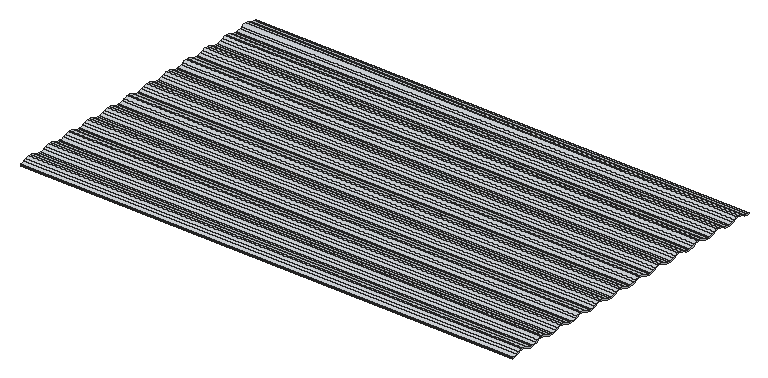
Revit family "Corrugated roof (beam system)", category Structural Framing, Revit 2017
Family settings
  Section Shape = Not Defined
  Material for Model Behavior = Other
  Always export as geometry = No
  OmniClass Number = 23.25.30.11.14.14
  OmniClass Title = Beams
  Always vertical = Yes
  Cut with Voids When Loaded = No
  Symbolic Representation = From Family
  Shared = No
  Show family pre-cut in plan views = Yes
Parameters
  Length [instance] = 3000 mm
Reference planes
  plane 1 "Center (Front/Back)": y = 0
  plane 2 "Center Elevation": z = 0
  plane 3 "Center (Left/Right)": x = 0
  plane 4 "Left": x = -1500
  plane 5 "Member Left": x = -1250
  plane 6 "Stick Symbol Left": x = -1000
  plane 7 "Right": x = 1500
  plane 8 "Member Right": x = 1250
  plane 9 "Stick Symbol Right": x = 1000
Forms (mm)
  Sweep 1, solid
    path origin (0, -30, 0) x (1, 0, 0) y (0, 1, 0)
      loop
        line (-1000, 50) -> (1000, 50)
    profile "Corrugated profile 2 : Corrugated profile 2" origin (0, 20, 0) x (0, 1, 0) y (0, 0, 1)
      loop
        line (-324.148, -7.5) -> (-327.074, -7.5)
        arc (-327.074, -7.5) -> (-335.69, -6.497) -> (-343.844, -3.541) r 37.5
        line (-343.844, -3.541) -> (-353.008, 1.041)
        arc (-353.008, 1.041) -> (-361.163, 3.997) -> (-369.779, 5) r 37.5
        line (-369.779, 5) -> (-377.664, 5)
        arc (-377.664, 5) -> (-386.28, 3.997) -> (-394.434, 1.041) r 37.5
        line (-394.434, 1.041) -> (-403.599, -3.541)
        arc (-403.599, -3.541) -> (-411.753, -6.497) -> (-420.369, -7.5) r 37.5
        line (-420.369, -7.5) -> (-421.221, -7.5) -> (-427.074, -7.5)
        arc (-427.074, -7.5) -> (-435.69, -6.497) -> (-443.844, -3.541) r 37.5
        line (-443.844, -3.541) -> (-453.008, 1.041)
        arc (-453.008, 1.041) -> (-461.163, 3.997) -> (-469.779, 5) r 37.5
        line (-469.779, 5) -> (-473.721, 5) -> (-477.664, 5)
        arc (-477.664, 5) -> (-486.28, 3.997) -> (-494.434, 1.041) r 37.5
        line (-494.434, 1.041) -> (-503.599, -3.541)
        arc (-503.599, -3.541) -> (-511.753, -6.497) -> (-520.369, -7.5) r 37.5
        line (-520.369, -7.5) -> (-526.221, -7.5) -> (-527.074, -7.5)
        arc (-527.074, -7.5) -> (-535.69, -6.497) -> (-543.844, -3.541) r 37.5
        line (-543.844, -3.541) -> (-553.008, 1.041)
        arc (-553.008, 1.041) -> (-561.163, 3.997) -> (-569.779, 5) r 37.5
        line (-569.779, 5) -> (-577.664, 5)
        arc (-577.664, 5) -> (-586.28, 3.997) -> (-594.434, 1.041) r 37.5
        line (-594.434, 1.041) -> (-603.599, -3.541)
        arc (-603.599, -3.541) -> (-611.753, -6.497) -> (-620.369, -7.5) r 37.5
        line (-620.369, -7.5) -> (-623.295, -7.5) -> (-623.295, -10) -> (-619.779, -10)
        arc (-619.779, -10) -> (-611.163, -8.997) -> (-603.008, -6.041) r 37.5
        line (-603.008, -6.041) -> (-593.844, -1.459)
        arc (-593.844, -1.459) -> (-585.69, 1.497) -> (-577.074, 2.5) r 37.5
        line (-577.074, 2.5) -> (-570.369, 2.5)
        arc (-570.369, 2.5) -> (-561.753, 1.497) -> (-553.599, -1.459) r 37.5
        line (-553.599, -1.459) -> (-544.434, -6.041)
        arc (-544.434, -6.041) -> (-536.28, -8.997) -> (-527.664, -10) r 37.5
        line (-527.664, -10) -> (-526.221, -10) -> (-519.779, -10)
        arc (-519.779, -10) -> (-511.163, -8.997) -> (-503.008, -6.041) r 37.5
        line (-503.008, -6.041) -> (-493.844, -1.459)
        arc (-493.844, -1.459) -> (-485.69, 1.497) -> (-477.074, 2.5) r 37.5
        line (-477.074, 2.5) -> (-473.721, 2.5) -> (-470.369, 2.5)
        arc (-470.369, 2.5) -> (-461.753, 1.497) -> (-453.599, -1.459) r 37.5
        line (-453.599, -1.459) -> (-444.434, -6.041)
        arc (-444.434, -6.041) -> (-436.28, -8.997) -> (-427.664, -10) r 37.5
        line (-427.664, -10) -> (-421.221, -10) -> (-419.779, -10)
        arc (-419.779, -10) -> (-411.163, -8.997) -> (-403.008, -6.041) r 37.5
        line (-403.008, -6.041) -> (-393.844, -1.459)
        arc (-393.844, -1.459) -> (-385.69, 1.497) -> (-377.074, 2.5) r 37.5
        line (-377.074, 2.5) -> (-370.369, 2.5)
        arc (-370.369, 2.5) -> (-361.753, 1.497) -> (-353.599, -1.459) r 37.5
        line (-353.599, -1.459) -> (-344.434, -6.041)
        arc (-344.434, -6.041) -> (-336.28, -8.997) -> (-327.664, -10) r 37.5
        line (-327.664, -10) -> (-324.148, -10) -> (-320.631, -10)
        arc (-320.631, -10) -> (-312.016, -8.997) -> (-303.861, -6.041) r 37.5
        line (-303.861, -6.041) -> (-294.697, -1.459)
        arc (-294.697, -1.459) -> (-286.542, 1.497) -> (-277.926, 2.5) r 37.5
        line (-277.926, 2.5) -> (-271.221, 2.5)
        arc (-271.221, 2.5) -> (-262.606, 1.497) -> (-254.451, -1.459) r 37.5
        line (-254.451, -1.459) -> (-245.287, -6.041)
        arc (-245.287, -6.041) -> (-237.132, -8.997) -> (-228.516, -10) r 37.5
        line (-228.516, -10) -> (-227.074, -10) -> (-220.631, -10)
        arc (-220.631, -10) -> (-212.016, -8.997) -> (-203.861, -6.041) r 37.5
        line (-203.861, -6.041) -> (-194.697, -1.459)
        arc (-194.697, -1.459) -> (-186.542, 1.497) -> (-177.926, 2.5) r 37.5
        line (-177.926, 2.5) -> (-174.574, 2.5) -> (-171.221, 2.5)
        arc (-171.221, 2.5) -> (-162.606, 1.497) -> (-154.451, -1.459) r 37.5
        line (-154.451, -1.459) -> (-145.287, -6.041)
        arc (-145.287, -6.041) -> (-137.132, -8.997) -> (-128.516, -10) r 37.5
        line (-128.516, -10) -> (-122.074, -10) -> (-120.631, -10)
        arc (-120.631, -10) -> (-112.016, -8.997) -> (-103.861, -6.041) r 37.5
        line (-103.861, -6.041) -> (-94.697, -1.459)
        arc (-94.697, -1.459) -> (-86.542, 1.497) -> (-77.926, 2.5) r 37.5
        line (-77.926, 2.5) -> (-71.221, 2.5)
        arc (-71.221, 2.5) -> (-62.606, 1.497) -> (-54.451, -1.459) r 37.5
        line (-54.451, -1.459) -> (-45.287, -6.041)
        arc (-45.287, -6.041) -> (-37.132, -8.997) -> (-28.516, -10) r 37.5
        line (-28.516, -10) -> (-25, -10) -> (-21.484, -10)
        arc (-21.484, -10) -> (-12.868, -8.997) -> (-4.713, -6.041) r 37.5
        line (-4.713, -6.041) -> (4.451, -1.459)
        arc (4.451, -1.459) -> (12.606, 1.497) -> (21.221, 2.5) r 37.5
        line (21.221, 2.5) -> (27.926, 2.5)
        arc (27.926, 2.5) -> (36.542, 1.497) -> (44.697, -1.459) r 37.5
        line (44.697, -1.459) -> (53.861, -6.041)
        arc (53.861, -6.041) -> (62.016, -8.997) -> (70.631, -10) r 37.5
        line (70.631, -10) -> (72.074, -10) -> (78.516, -10)
        arc (78.516, -10) -> (87.132, -8.997) -> (95.287, -6.041) r 37.5
        line (95.287, -6.041) -> (104.451, -1.459)
        arc (104.451, -1.459) -> (112.606, 1.497) -> (121.221, 2.5) r 37.5
        line (121.221, 2.5) -> (124.574, 2.5) -> (127.926, 2.5)
        arc (127.926, 2.5) -> (136.542, 1.497) -> (144.697, -1.459) r 37.5
        line (144.697, -1.459) -> (153.861, -6.041)
        arc (153.861, -6.041) -> (162.016, -8.997) -> (170.631, -10) r 37.5
        line (170.631, -10) -> (177.074, -10) -> (178.516, -10)
        arc (178.516, -10) -> (187.132, -8.997) -> (195.287, -6.041) r 37.5
        line (195.287, -6.041) -> (204.451, -1.459)
        arc (204.451, -1.459) -> (212.606, 1.497) -> (221.221, 2.5) r 37.5
        line (221.221, 2.5) -> (227.926, 2.5)
        arc (227.926, 2.5) -> (236.542, 1.497) -> (244.697, -1.459) r 37.5
        line (244.697, -1.459) -> (253.861, -6.041)
        arc (253.861, -6.041) -> (262.016, -8.997) -> (270.631, -10) r 37.5
        line (270.631, -10) -> (274.148, -10) -> (277.664, -10)
        arc (277.664, -10) -> (286.28, -8.997) -> (294.434, -6.041) r 37.5
        line (294.434, -6.041) -> (303.599, -1.459)
        arc (303.599, -1.459) -> (311.753, 1.497) -> (320.369, 2.5) r 37.5
        line (320.369, 2.5) -> (327.074, 2.5)
        arc (327.074, 2.5) -> (335.69, 1.497) -> (343.844, -1.459) r 37.5
        line (343.844, -1.459) -> (353.008, -6.041)
        arc (353.008, -6.041) -> (361.163, -8.997) -> (369.779, -10) r 37.5
        line (369.779, -10) -> (371.221, -10) -> (377.664, -10)
        arc (377.664, -10) -> (386.28, -8.997) -> (394.434, -6.041) r 37.5
        line (394.434, -6.041) -> (403.599, -1.459)
        arc (403.599, -1.459) -> (411.753, 1.497) -> (420.369, 2.5) r 37.5
        line (420.369, 2.5) -> (423.721, 2.5) -> (427.074, 2.5)
        arc (427.074, 2.5) -> (435.69, 1.497) -> (443.844, -1.459) r 37.5
        line (443.844, -1.459) -> (453.008, -6.041)
        arc (453.008, -6.041) -> (461.163, -8.997) -> (469.779, -10) r 37.5
        line (469.779, -10) -> (476.221, -10) -> (477.664, -10)
        arc (477.664, -10) -> (486.28, -8.997) -> (494.434, -6.041) r 37.5
        line (494.434, -6.041) -> (503.599, -1.459)
        arc (503.599, -1.459) -> (511.753, 1.497) -> (520.369, 2.5) r 37.5
        line (520.369, 2.5) -> (527.074, 2.5)
        arc (527.074, 2.5) -> (535.69, 1.497) -> (543.844, -1.459) r 37.5
        line (543.844, -1.459) -> (553.008, -6.041)
        arc (553.008, -6.041) -> (561.163, -8.997) -> (569.779, -10) r 37.5
        line (569.779, -10) -> (573.295, -10) -> (573.295, -7.5) -> (570.369, -7.5)
        arc (570.369, -7.5) -> (561.753, -6.497) -> (553.599, -3.541) r 37.5
        line (553.599, -3.541) -> (544.434, 1.041)
        arc (544.434, 1.041) -> (536.28, 3.997) -> (527.664, 5) r 37.5
        line (527.664, 5) -> (519.779, 5)
        arc (519.779, 5) -> (511.163, 3.997) -> (503.008, 1.041) r 37.5
        line (503.008, 1.041) -> (493.844, -3.541)
        arc (493.844, -3.541) -> (485.69, -6.497) -> (477.074, -7.5) r 37.5
        line (477.074, -7.5) -> (476.221, -7.5) -> (470.369, -7.5)
        arc (470.369, -7.5) -> (461.753, -6.497) -> (453.599, -3.541) r 37.5
        line (453.599, -3.541) -> (444.434, 1.041)
        arc (444.434, 1.041) -> (436.28, 3.997) -> (427.664, 5) r 37.5
        line (427.664, 5) -> (423.721, 5) -> (419.779, 5)
        arc (419.779, 5) -> (411.163, 3.997) -> (403.008, 1.041) r 37.5
        line (403.008, 1.041) -> (393.844, -3.541)
        arc (393.844, -3.541) -> (385.69, -6.497) -> (377.074, -7.5) r 37.5
        line (377.074, -7.5) -> (371.221, -7.5) -> (370.369, -7.5)
        arc (370.369, -7.5) -> (361.753, -6.497) -> (353.599, -3.541) r 37.5
        line (353.599, -3.541) -> (344.434, 1.041)
        arc (344.434, 1.041) -> (336.28, 3.997) -> (327.664, 5) r 37.5
        line (327.664, 5) -> (319.779, 5)
        arc (319.779, 5) -> (311.163, 3.997) -> (303.008, 1.041) r 37.5
        line (303.008, 1.041) -> (293.844, -3.541)
        arc (293.844, -3.541) -> (285.69, -6.497) -> (277.074, -7.5) r 37.5
        line (277.074, -7.5) -> (274.148, -7.5) -> (271.221, -7.5)
        arc (271.221, -7.5) -> (262.606, -6.497) -> (254.451, -3.541) r 37.5
        line (254.451, -3.541) -> (245.287, 1.041)
        arc (245.287, 1.041) -> (237.132, 3.997) -> (228.516, 5) r 37.5
        line (228.516, 5) -> (220.631, 5)
        arc (220.631, 5) -> (212.016, 3.997) -> (203.861, 1.041) r 37.5
        line (203.861, 1.041) -> (194.697, -3.541)
        arc (194.697, -3.541) -> (186.542, -6.497) -> (177.926, -7.5) r 37.5
        line (177.926, -7.5) -> (177.074, -7.5) -> (171.221, -7.5)
        arc (171.221, -7.5) -> (162.606, -6.497) -> (154.451, -3.541) r 37.5
        line (154.451, -3.541) -> (145.287, 1.041)
        arc (145.287, 1.041) -> (137.132, 3.997) -> (128.516, 5) r 37.5
        line (128.516, 5) -> (124.574, 5) -> (120.631, 5)
        arc (120.631, 5) -> (112.016, 3.997) -> (103.861, 1.041) r 37.5
        line (103.861, 1.041) -> (94.697, -3.541)
        arc (94.697, -3.541) -> (86.542, -6.497) -> (77.926, -7.5) r 37.5
        line (77.926, -7.5) -> (72.074, -7.5) -> (71.221, -7.5)
        arc (71.221, -7.5) -> (62.606, -6.497) -> (54.451, -3.541) r 37.5
        line (54.451, -3.541) -> (45.287, 1.041)
        arc (45.287, 1.041) -> (37.132, 3.997) -> (28.516, 5) r 37.5
        line (28.516, 5) -> (20.631, 5)
        arc (20.631, 5) -> (12.016, 3.997) -> (3.861, 1.041) r 37.5
        line (3.861, 1.041) -> (-5.303, -3.541)
        arc (-5.303, -3.541) -> (-13.458, -6.497) -> (-22.074, -7.5) r 37.5
        line (-22.074, -7.5) -> (-25, -7.5) -> (-27.926, -7.5)
        arc (-27.926, -7.5) -> (-36.542, -6.497) -> (-44.697, -3.541) r 37.5
        line (-44.697, -3.541) -> (-53.861, 1.041)
        arc (-53.861, 1.041) -> (-62.016, 3.997) -> (-70.631, 5) r 37.5
        line (-70.631, 5) -> (-78.516, 5)
        arc (-78.516, 5) -> (-87.132, 3.997) -> (-95.287, 1.041) r 37.5
        line (-95.287, 1.041) -> (-104.451, -3.541)
        arc (-104.451, -3.541) -> (-112.606, -6.497) -> (-121.221, -7.5) r 37.5
        line (-121.221, -7.5) -> (-122.074, -7.5) -> (-127.926, -7.5)
        arc (-127.926, -7.5) -> (-136.542, -6.497) -> (-144.697, -3.541) r 37.5
        line (-144.697, -3.541) -> (-153.861, 1.041)
        arc (-153.861, 1.041) -> (-162.016, 3.997) -> (-170.631, 5) r 37.5
        line (-170.631, 5) -> (-174.574, 5) -> (-178.516, 5)
        arc (-178.516, 5) -> (-187.132, 3.997) -> (-195.287, 1.041) r 37.5
        line (-195.287, 1.041) -> (-204.451, -3.541)
        arc (-204.451, -3.541) -> (-212.606, -6.497) -> (-221.221, -7.5) r 37.5
        line (-221.221, -7.5) -> (-227.074, -7.5) -> (-227.926, -7.5)
        arc (-227.926, -7.5) -> (-236.542, -6.497) -> (-244.697, -3.541) r 37.5
        line (-244.697, -3.541) -> (-253.861, 1.041)
        arc (-253.861, 1.041) -> (-262.016, 3.997) -> (-270.631, 5) r 37.5
        line (-270.631, 5) -> (-278.516, 5)
        arc (-278.516, 5) -> (-287.132, 3.997) -> (-295.287, 1.041) r 37.5
        line (-295.287, 1.041) -> (-304.451, -3.541)
        arc (-304.451, -3.541) -> (-312.606, -6.497) -> (-321.221, -7.5) r 37.5
        line (-321.221, -7.5) -> (-324.148, -7.5)
Lines and regions (mm)
  model lines, style "Stick Symbols", detail levels coarse
    curve 1: line (-1000, 0, 0) -> (1000, 0, 0)
Dimensions and locks
  equal spacing: plane 4 "Left", plane 3 "Center (Left/Right)", plane 7 "Right"
  "Length": plane 4 "Left" to plane 7 "Right"
  aligned and locked: plane 1 "Center (Front/Back)" to curve 1
  aligned and locked: plane 6 "Stick Symbol Left" to curve 1
  aligned and locked: plane 9 "Stick Symbol Right" to curve 1
  aligned and locked: level to plane 2 "Center Elevation"
Automatic sketch dimensions
  Sweep 1 sketch curve to plane 9 "Stick Symbol Right" = 0 mm
  Sweep 1 sketch curve to plane 6 "Stick Symbol Left" = 0 mm
  Sweep 1 sketch curve to plane 1 "Center (Front/Back)" = 20 mm
